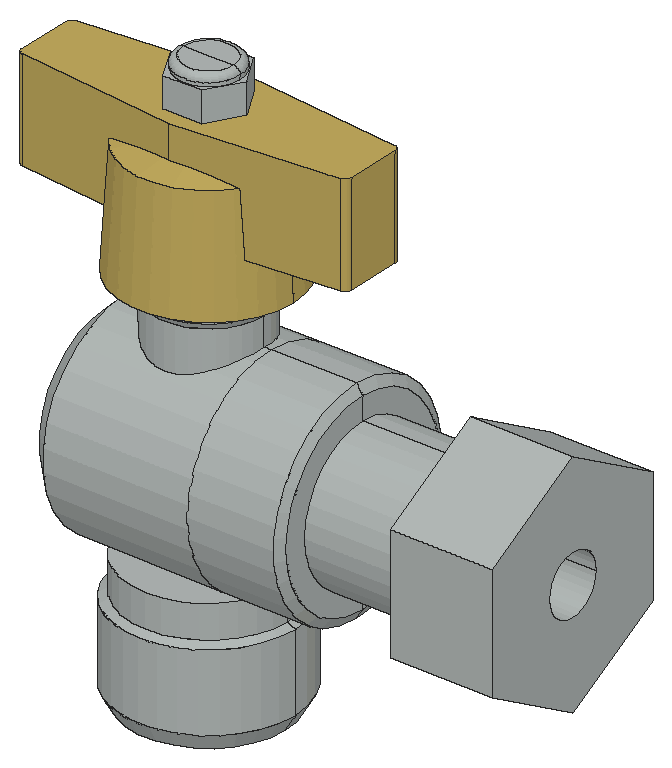
Revit family "QP23000000", category Apparecchi idraulici, Revit 2020
Family settings
  Quota connettore circolare = Usa diametro
  Tipo di parte = Normale
  Numero OmniClass = 23.45.00.00
  Titolo OmniClass = Sanitary, Laundry, and Cleaning Equipment
  Basato su piano di lavoro = No
  Sempre verticale = Sì
  Taglio con vuoti quando caricato = No
  Condiviso = No
  Punto di calcolo locali = No
Parameters
  URL = "https://web.cimberio.com/index.php/figura/144?subcategoria_id="
  Temperatura di esercizio = "-20 ÷ 60°C"
  Prospetto di default = 0 mm
  Produttore = "CIMBERIO SPA"
  Pressione nominale = "MOP 5"
  Modello = "Cim 185S"
  Materiale = "Prodotto in lega di ottone conforme alla norma EN 12165-CW617N-DW"
  Descrizione = "Utilizzato nell’impiantistica distributiva di gas a bassa pressione per le categorie:\r\nGas naturali: gas derivati dal petrolio (Metano) e gas di ricambio.\r\nGas di città: prodotti secondo i diversi procedimenti (Cracking - Cokerie - ecc.).\r\nGas liquidi: propano e miscele di gas propano/butano"
  DN Model [instance] = QP23002124 : QP23002124
  DN [instance] = 15 mm
  Commenti sul tipo = "Realizzato in ottemperanza ai requisiti gestionali della norma EN ISO 9001.\r\nCollaudato al 100% secondo la normativa EN 12266-1"
Reference planes
  plane 1 "Centro (Fronte/Retro)": y = 0
  plane 2: z = 0
  plane 3 "Centro (Sinistra/Destra)": x = 0
Dimensions and locks
  aligned and locked: level to plane 2
Nested families
  nested 1: "QP23002124" at (0, 0, 0), type <- "DN Model", type "QP23002124"
  nested 2: "QP23002124" at (0, 0, 0), type <- "DN Model", type "QP23002124"
  nested 3: "QP23002124" at (0, 0, 0), type <- "DN Model", type "QP23002124"
  nested 4: "QP23002124" at (0, 0, 0), type <- "DN Model", type "QP23002124"
Connectors
  piping at (55.192, 0, 0), diameter 15, driven by "DN"
    settings: on nested 1, index 1, connector inside diameter 609.6 mm, connector length 0 mm, flow factor 0, pipe flow 0.0 L/s, pressure drop 0.0 Pa, fitting loss kfactor 0, connector angle 0.00°, fixture units 0, engagement length 0 mm, angle of deflection 0.00°, flow configuration 0, flow direction 0, fitting loss method 0, system type 7, joint type 0, gender type 0, connector reference index -1, connector utility 0, adjustable connector no, is connector primary yes, connector description ""
  piping at (0, 0, -35), diameter 15, driven by "DN"
    settings: on nested 1, index 2, connector inside diameter 609.6 mm, connector length 0 mm, flow factor 0, pipe flow 0.0 L/s, pressure drop 0.0 Pa, fitting loss kfactor 0, connector angle 0.00°, fixture units 0, engagement length 0 mm, angle of deflection 0.00°, flow configuration 0, flow direction 0, fitting loss method 0, system type 7, joint type 0, gender type 0, connector reference index -1, connector utility 0, adjustable connector no, is connector primary no, connector description ""
Definition of nested family "QP23002124"
  Parameters (values of type "QP23002124")
    URL = ""
    Default Elevation = 0 mm
    Manufacturer = ""
    Model = ""
    Description = ""
    Type Comments = ""
  Reference planes
    plane 1 "Centro (Fronte/Retro)": y = 0
    plane 2: z = 0
    plane 3 "Centro (Sinistra/Destra)": x = 0
  Forms (mm)
    Revolve 1, solid
      sketch origin (0.744, 0, 9.681) x (1, 0, 0) y (0, 0, 1)
        loop
          line (12.157, 13.819) -> (11.097, 31.112)
          arc (11.097, 31.112) -> (5.366, 32.173) -> (-0.448, 32.585) r 52.033
          line (-0.448, 32.585) -> (-0.448, 13.819) -> (12.157, 13.819)
        axis (-0.754, 13.819) -> (-0.754, 32.585)
      angle from 0 to 360
    Revolve 2, solid
      sketch origin (0.751, 0, 18.869) x (1, 0, 0) y (0, 0, 1)
        loop
          arc (3.999, 32.631) -> (3.707, 33.338) -> (2.999, 33.631) r 1
          line (2.999, 33.631) -> (-0.754, 33.631) -> (-0.754, 31.443) -> (3.999, 31.443) -> (3.999, 32.631)
        axis (-0.754, 33.631) -> (-0.754, 31.443)
      angle from 0 to 360
    Extrusion 3, solid
      sketch origin (1.758, 0, 1.45) x (1, 0, 0) y (0, 1, 0)
        loop
          arc (-25.857, 5.09) -> (-26.499, 4.766) -> (-26.758, 4.095) r 1
          line (-26.758, 4.095) -> (-26.758, -4.095)
          arc (-26.758, -4.095) -> (-26.499, -4.766) -> (-25.857, -5.09) r 1
          line (-25.857, -5.09) -> (-1.758, -7.495) -> (22.342, -5.09)
          arc (22.342, -5.09) -> (22.984, -4.766) -> (23.242, -4.095) r 1
          line (23.242, -4.095) -> (23.242, 4.095)
          arc (23.242, 4.095) -> (22.984, 4.766) -> (22.342, 5.09) r 1
          line (22.342, 5.09) -> (-1.758, 7.495) -> (-25.857, 5.09)
      from 29.858 to 45.05
    Revolve 4, solid
      sketch origin (1.758, 0, 0) x (1, 0, 0) y (0, 0, 1)
        loop
          line (-1.758, 23.5) -> (-1.758, 12.933) -> (6.609, 12.933) -> (6.609, 20.121) -> (7.116, 21) -> (7.116, 23.5) -> (-1.758, 23.5)
        axis (-1.758, 12.933) -> (-1.758, 23.5)
      angle from 0 to 360
    Revolve 5, solid
      sketch origin (0, 0, 0) x (1, 0, 0) y (0, 0, 1)
        loop
          line (-16.151, 10) -> (-16.5, 0) -> (-9.359, 0) -> (-9.359, 7.5) -> (39.717, 7.5) -> (39.717, 11.1) -> (23.35, 11.1) -> (23.35, 14.5) -> (22.525, 15.93) -> (9.5, 15.93) -> (-12.5, 15.75) -> (-15.5, 12.75) -> (-15.5, 10.456) -> (-16.151, 10)
        axis (-16.5, 0) -> (39.717, 0)
      angle from 0 to 360
    Extrusion 6, solid
      sketch origin (0, 0, 0) x (0, 1, 0) y (0, 0, 1)
        loop
          circle (0, 0) r 4.5
        loop
          line (0, 17.4) -> (-15.069, 8.7) -> (-15.069, -8.7) -> (0, -17.4) -> (15.069, -8.7) -> (15.069, 8.7) -> (0, 17.4)
      from 39.717 to 55.192
    Revolve 7, solid
      sketch origin (16, 0, 0) x (1, 0, 0) y (0, 0, 1)
        loop
          line (-29.15, -20.822) -> (-29.15, -32.47) -> (-27.69, -35) -> (-20.5, -35) -> (-20.5, -15.185) -> (-27.958, -15.185) -> (-27.958, -20.134) -> (-29.15, -20.822)
        axis (-16, -35) -> (-16, -15.185)
      angle from 0 to 360
    Extrusion 8, solid
      sketch origin (1.758, 0, 46.5) x (1, 0, 0) y (0, 1, 0)
        loop
          line (4.014, 0) -> (1.128, 4.998) -> (-4.644, 4.998) -> (-7.53, 0) -> (-4.644, -4.998) -> (1.128, -4.998) -> (4.014, 0)
      from 0 to 4.5
  Dimensions and locks
    aligned and locked: level to plane 2
